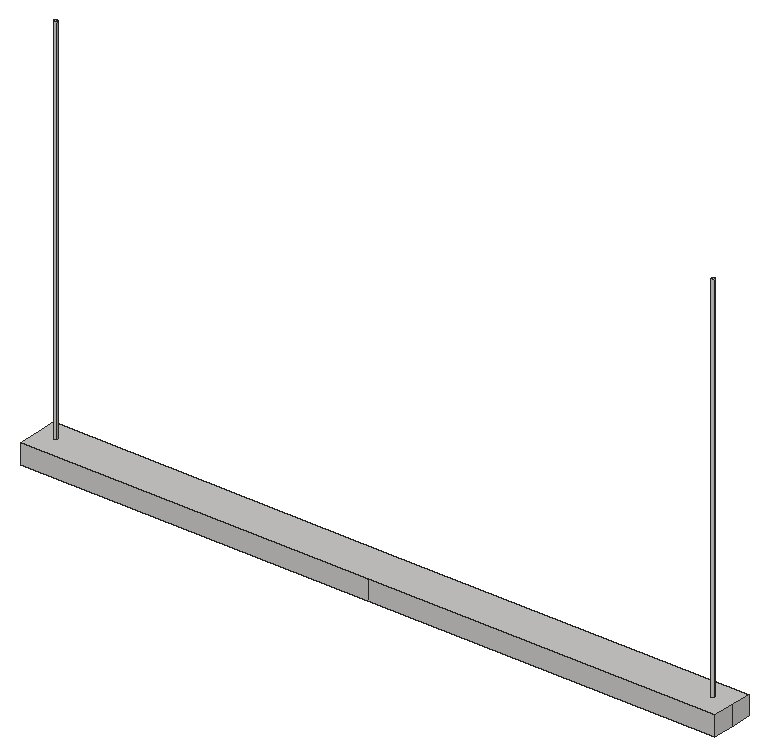
Revit family "Lighting_Pendants_Zero_Grid_Pendant", category Lighting Fixtures, Revit 2020 (continued)
Definition of nested family "grid-pendant-fencing"
  Lines and regions (mm)
    model lines, detail levels medium+fine
      curve 642: line (240.479, 47.747, 97.697) -> (192.461, -48.253, 97.697)
      curve 643: line (228.479, 47.747, 97.697) -> (180.461, -48.253, 97.697)
      curve 644: line (216.479, 47.747, 97.697) -> (168.461, -48.253, 97.697)
      curve 645: line (204.479, 47.747, 97.697) -> (156.461, -48.253, 97.697)
      curve 646: line (192.479, 47.747, 97.697) -> (144.461, -48.253, 97.697)
      curve 647: line (180.479, 47.747, 97.697) -> (132.461, -48.253, 97.697)
      curve 648: line (168.479, 47.747, 97.697) -> (120.461, -48.253, 97.697)
      curve 649: line (156.479, 47.747, 97.697) -> (108.461, -48.253, 97.697)
      curve 650: line (144.479, 47.747, 97.697) -> (96.461, -48.253, 97.697)
      curve 651: line (132.479, 47.747, 97.697) -> (84.461, -48.253, 97.697)
      curve 652: line (120.479, 47.747, 97.697) -> (72.461, -48.253, 97.697)
      curve 653: line (108.479, 47.747, 97.697) -> (60.461, -48.253, 97.697)
      curve 654: line (96.479, 47.747, 97.697) -> (48.461, -48.253, 97.697)
      curve 655: line (84.479, 47.747, 97.697) -> (36.461, -48.253, 97.697)
      curve 656: line (72.479, 47.747, 97.697) -> (24.461, -48.253, 97.697)
      curve 657: line (60.479, 47.747, 97.697) -> (12.461, -48.253, 97.697)
      curve 658: line (48.479, 47.747, 97.697) -> (0.461, -48.253, 97.697)
      curve 659: line (36.479, 47.747, 97.697) -> (-11.539, -48.253, 97.697)
      curve 660: line (24.479, 47.747, 97.697) -> (-23.539, -48.253, 97.697)
      curve 661: line (12.479, 47.747, 97.697) -> (-35.539, -48.253, 97.697)
      curve 662: line (0.479, 47.747, 97.697) -> (-47.539, -48.253, 97.697)
      curve 663: line (-11.521, 47.747, 97.697) -> (-59.539, -48.253, 97.697)
      curve 664: line (-23.521, 47.747, 97.697) -> (-71.539, -48.253, 97.697)
      curve 665: line (-35.521, 47.747, 97.697) -> (-83.539, -48.253, 97.697)
      curve 666: line (-47.521, 47.747, 97.697) -> (-95.539, -48.253, 97.697)
      curve 667: line (-59.521, 47.747, 97.697) -> (-107.539, -48.253, 97.697)
      curve 668: line (-71.521, 47.747, 97.697) -> (-119.539, -48.253, 97.697)
      curve 669: line (-83.521, 47.747, 97.697) -> (-131.539, -48.253, 97.697)
      curve 670: line (-95.521, 47.747, 97.697) -> (-143.539, -48.253, 97.697)
      curve 671: line (-107.521, 47.747, 97.697) -> (-155.539, -48.253, 97.697)
      curve 672: line (-119.521, 47.747, 97.697) -> (-167.539, -48.253, 97.697)
      curve 673: line (-131.521, 47.747, 97.697) -> (-179.539, -48.253, 97.697)
      curve 674: line (-143.521, 47.747, 97.697) -> (-191.539, -48.253, 97.697)
      curve 675: line (-155.521, 47.747, 97.697) -> (-203.539, -48.253, 97.697)
      curve 676: line (-167.521, 47.747, 97.697) -> (-215.539, -48.253, 97.697)
      curve 677: line (-179.521, 47.747, 97.697) -> (-227.539, -48.253, 97.697)
      curve 678: line (-191.521, 47.747, 97.697) -> (-239.539, -48.253, 97.697)
      curve 679: line (-203.521, 47.747, 97.697) -> (-251.539, -48.253, 97.697)
      curve 680: line (-215.521, 47.747, 97.697) -> (-263.539, -48.253, 97.697)
      curve 681: line (-227.521, 47.747, 97.697) -> (-275.539, -48.253, 97.697)
      curve 682: line (-239.521, 47.747, 97.697) -> (-287.539, -48.253, 97.697)
      curve 683: line (-251.521, 47.747, 97.697) -> (-299.539, -48.253, 97.697)
      curve 684: line (-263.521, 47.747, 97.697) -> (-311.539, -48.253, 97.697)
      curve 685: line (-275.521, 47.747, 97.697) -> (-323.539, -48.253, 97.697)
      curve 686: line (-287.521, 47.747, 97.697) -> (-335.539, -48.253, 97.697)
      curve 687: line (-299.521, 47.747, 97.697) -> (-347.539, -48.253, 97.697)
      curve 688: line (-311.521, 47.747, 97.697) -> (-359.539, -48.253, 97.697)
      curve 689: line (-323.521, 47.747, 97.697) -> (-371.539, -48.253, 97.697)
      curve 690: line (-335.521, 47.747, 97.697) -> (-383.539, -48.253, 97.697)
      curve 691: line (-347.521, 47.747, 97.697) -> (-395.539, -48.253, 97.697)
      curve 692: line (-359.521, 47.747, 97.697) -> (-407.539, -48.253, 97.697)
      curve 693: line (-371.521, 47.747, 97.697) -> (-419.539, -48.253, 97.697)
      curve 694: line (-383.521, 47.747, 97.697) -> (-431.539, -48.253, 97.697)
      curve 695: line (-395.521, 47.747, 97.697) -> (-443.539, -48.253, 97.697)
      curve 696: line (-407.521, 47.747, 97.697) -> (-455.539, -48.253, 97.697)
      curve 697: line (-419.521, 47.747, 97.697) -> (-467.539, -48.253, 97.697)
      curve 698: line (-431.521, 47.747, 97.697) -> (-479.539, -48.253, 97.697)
      curve 699: line (-443.521, 47.747, 97.697) -> (-491.539, -48.253, 97.697)
      curve 700: line (-455.521, 47.747, 97.697) -> (-503.539, -48.253, 97.697)
      curve 701: line (-467.521, 47.747, 97.697) -> (-515.539, -48.253, 97.697)
      curve 702: line (-479.521, 47.747, 97.697) -> (-527.539, -48.253, 97.697)
      curve 703: line (-491.521, 47.747, 97.697) -> (-539.539, -48.253, 97.697)
      curve 704: line (-503.521, 47.747, 97.697) -> (-551.539, -48.253, 97.697)
      curve 705: line (-515.521, 47.747, 97.697) -> (-563.539, -48.253, 97.697)
      curve 706: line (-527.521, 47.747, 97.697) -> (-575.539, -48.253, 97.697)
      curve 707: line (-539.521, 47.747, 97.697) -> (-587.539, -48.253, 97.697)
      curve 708: line (-551.521, 47.747, 97.697) -> (-599.539, -48.253, 97.697)
      curve 709: line (-563.521, 47.747, 97.697) -> (-611.539, -48.253, 97.697)
      curve 710: line (-575.521, 47.747, 97.697) -> (-623.539, -48.253, 97.697)
      curve 711: line (-587.521, 47.747, 97.697) -> (-625, -27.183, 97.697)
      curve 712: line (-599.521, 47.747, 97.697) -> (-625, -3.192, 97.697)
      curve 713: line (-611.521, 47.747, 97.697) -> (-625, 20.799, 97.697)
      curve 714: line (625, 47.747, 97.697) -> (-625.035, 47.747, 97.697)
      curve 715: line (-625.029, -48.253, 97.697) -> (625, -48.253, 97.697)
      curve 716: line (-624.473, 47.747, 97.697) -> (-576.455, -48.253, 97.697)
      curve 717: line (-624.994, 24.797, 97.697) -> (-588.455, -48.253, 97.697)
      curve 718: line (-624.994, 0.806, 97.697) -> (-600.455, -48.253, 97.697)
      curve 719: line (-624.994, -23.185, 97.697) -> (-612.455, -48.253, 97.697)
      curve 720: line (-612.473, 47.747, 97.697) -> (-564.455, -48.253, 97.697)
      curve 721: line (-600.473, 47.747, 97.697) -> (-552.455, -48.253, 97.697)
      curve 722: line (-588.473, 47.747, 97.697) -> (-540.455, -48.253, 97.697)
      curve 723: line (-576.473, 47.747, 97.697) -> (-528.455, -48.253, 97.697)
      curve 724: line (-564.473, 47.747, 97.697) -> (-516.455, -48.253, 97.697)
      curve 725: line (-552.473, 47.747, 97.697) -> (-504.455, -48.253, 97.697)
      curve 726: line (-540.473, 47.747, 97.697) -> (-492.455, -48.253, 97.697)
      curve 727: line (-528.473, 47.747, 97.697) -> (-480.455, -48.253, 97.697)
      curve 728: line (-516.473, 47.747, 97.697) -> (-468.455, -48.253, 97.697)
      curve 729: line (-504.473, 47.747, 97.697) -> (-456.455, -48.253, 97.697)
      curve 730: line (-492.473, 47.747, 97.697) -> (-444.455, -48.253, 97.697)
      curve 731: line (-480.473, 47.747, 97.697) -> (-432.455, -48.253, 97.697)
      curve 732: line (-468.473, 47.747, 97.697) -> (-420.455, -48.253, 97.697)
      curve 733: line (-456.473, 47.747, 97.697) -> (-408.455, -48.253, 97.697)
      curve 734: line (-444.473, 47.747, 97.697) -> (-396.455, -48.253, 97.697)
      curve 735: line (-432.473, 47.747, 97.697) -> (-384.455, -48.253, 97.697)
      curve 736: line (-420.473, 47.747, 97.697) -> (-372.455, -48.253, 97.697)
      curve 737: line (-408.473, 47.747, 97.697) -> (-360.455, -48.253, 97.697)
      curve 738: line (-396.473, 47.747, 97.697) -> (-348.455, -48.253, 97.697)
      curve 739: line (-384.473, 47.747, 97.697) -> (-336.455, -48.253, 97.697)
      curve 740: line (-372.473, 47.747, 97.697) -> (-324.455, -48.253, 97.697)
      curve 741: line (-360.473, 47.747, 97.697) -> (-312.455, -48.253, 97.697)
      curve 742: line (-348.473, 47.747, 97.697) -> (-300.455, -48.253, 97.697)
      curve 743: line (-336.473, 47.747, 97.697) -> (-288.455, -48.253, 97.697)
      curve 744: line (-324.473, 47.747, 97.697) -> (-276.455, -48.253, 97.697)
      curve 745: line (-312.473, 47.747, 97.697) -> (-264.455, -48.253, 97.697)
      curve 746: line (-300.473, 47.747, 97.697) -> (-252.455, -48.253, 97.697)
      curve 747: line (-288.473, 47.747, 97.697) -> (-240.455, -48.253, 97.697)
      curve 748: line (-276.473, 47.747, 97.697) -> (-228.455, -48.253, 97.697)
      curve 749: line (-264.473, 47.747, 97.697) -> (-216.455, -48.253, 97.697)
      curve 750: line (-252.473, 47.747, 97.697) -> (-204.455, -48.253, 97.697)
      curve 751: line (-240.473, 47.747, 97.697) -> (-192.455, -48.253, 97.697)
      curve 752: line (-228.473, 47.747, 97.697) -> (-180.455, -48.253, 97.697)
      curve 753: line (-216.473, 47.747, 97.697) -> (-168.455, -48.253, 97.697)
      curve 754: line (-204.473, 47.747, 97.697) -> (-156.455, -48.253, 97.697)
      curve 755: line (-192.473, 47.747, 97.697) -> (-144.455, -48.253, 97.697)
      curve 756: line (-180.473, 47.747, 97.697) -> (-132.455, -48.253, 97.697)
      curve 757: line (-168.473, 47.747, 97.697) -> (-120.455, -48.253, 97.697)
      curve 758: line (-156.473, 47.747, 97.697) -> (-108.455, -48.253, 97.697)
      curve 759: line (-144.473, 47.747, 97.697) -> (-96.455, -48.253, 97.697)
      curve 760: line (-132.473, 47.747, 97.697) -> (-84.455, -48.253, 97.697)
      curve 761: line (-120.473, 47.747, 97.697) -> (-72.455, -48.253, 97.697)
      curve 762: line (-108.473, 47.747, 97.697) -> (-60.455, -48.253, 97.697)
      curve 763: line (-96.473, 47.747, 97.697) -> (-48.455, -48.253, 97.697)
      curve 764: line (-84.473, 47.747, 97.697) -> (-36.455, -48.253, 97.697)
      curve 765: line (-72.473, 47.747, 97.697) -> (-24.455, -48.253, 97.697)
      curve 766: line (-60.473, 47.747, 97.697) -> (-12.455, -48.253, 97.697)
      curve 767: line (-48.473, 47.747, 97.697) -> (-0.455, -48.253, 97.697)
      curve 768: line (-36.473, 47.747, 97.697) -> (11.545, -48.253, 97.697)
      curve 769: line (-24.473, 47.747, 97.697) -> (23.545, -48.253, 97.697)
      curve 770: line (-12.473, 47.747, 97.697) -> (35.545, -48.253, 97.697)
      curve 771: line (-0.473, 47.747, 97.697) -> (47.545, -48.253, 97.697)
      curve 772: line (11.527, 47.747, 97.697) -> (59.545, -48.253, 97.697)
      curve 773: line (23.527, 47.747, 97.697) -> (71.545, -48.253, 97.697)
      curve 774: line (35.527, 47.747, 97.697) -> (83.545, -48.253, 97.697)
      curve 775: line (47.527, 47.747, 97.697) -> (95.545, -48.253, 97.697)
      curve 776: line (59.527, 47.747, 97.697) -> (107.545, -48.253, 97.697)
      curve 777: line (71.527, 47.747, 97.697) -> (119.545, -48.253, 97.697)
      curve 778: line (83.527, 47.747, 97.697) -> (131.545, -48.253, 97.697)
      curve 779: line (95.527, 47.747, 97.697) -> (143.545, -48.253, 97.697)
      curve 780: line (107.527, 47.747, 97.697) -> (155.545, -48.253, 97.697)
      curve 781: line (119.527, 47.747, 97.697) -> (167.545, -48.253, 97.697)
      curve 782: line (131.527, 47.747, 97.697) -> (179.545, -48.253, 97.697)
      curve 783: line (143.527, 47.747, 97.697) -> (191.545, -48.253, 97.697)
      curve 784: line (155.527, 47.747, 97.697) -> (203.545, -48.253, 97.697)
      curve 785: line (167.527, 47.747, 97.697) -> (215.545, -48.253, 97.697)
      curve 786: line (179.527, 47.747, 97.697) -> (227.545, -48.253, 97.697)
      curve 787: line (191.527, 47.747, 97.697) -> (239.545, -48.253, 97.697)
      curve 788: line (203.527, 47.747, 97.697) -> (251.545, -48.253, 97.697)
      curve 789: line (215.527, 47.747, 97.697) -> (263.545, -48.253, 97.697)
      curve 790: line (227.527, 47.747, 97.697) -> (275.545, -48.253, 97.697)
      curve 791: line (239.527, 47.747, 97.697) -> (287.545, -48.253, 97.697)
      curve 792: line (251.527, 47.747, 97.697) -> (299.545, -48.253, 97.697)
      curve 793: line (263.527, 47.747, 97.697) -> (311.545, -48.253, 97.697)
      curve 794: line (275.527, 47.747, 97.697) -> (323.545, -48.253, 97.697)
      curve 795: line (287.527, 47.747, 97.697) -> (335.545, -48.253, 97.697)
      curve 796: line (299.527, 47.747, 97.697) -> (347.545, -48.253, 97.697)
      curve 797: line (311.527, 47.747, 97.697) -> (359.545, -48.253, 97.697)
      curve 798: line (323.527, 47.747, 97.697) -> (371.545, -48.253, 97.697)
      curve 799: line (335.527, 47.747, 97.697) -> (383.545, -48.253, 97.697)
      curve 800: line (347.527, 47.747, 97.697) -> (395.545, -48.253, 97.697)
      curve 801: line (359.527, 47.747, 97.697) -> (407.545, -48.253, 97.697)
      curve 802: line (371.527, 47.747, 97.697) -> (419.545, -48.253, 97.697)
      curve 803: line (383.527, 47.747, 97.697) -> (431.545, -48.253, 97.697)
      curve 804: line (395.527, 47.747, 97.697) -> (443.545, -48.253, 97.697)
      curve 805: line (407.527, 47.747, 97.697) -> (455.545, -48.253, 97.697)
      curve 806: line (419.527, 47.747, 97.697) -> (467.545, -48.253, 97.697)
      curve 807: line (431.527, 47.747, 97.697) -> (479.545, -48.253, 97.697)
      curve 808: line (443.527, 47.747, 97.697) -> (491.545, -48.253, 97.697)
      curve 809: line (455.527, 47.747, 97.697) -> (503.545, -48.253, 97.697)
      curve 810: line (467.527, 47.747, 97.697) -> (515.545, -48.253, 97.697)
      curve 811: line (479.527, 47.747, 97.697) -> (527.545, -48.253, 97.697)
      curve 812: line (491.527, 47.747, 97.697) -> (539.545, -48.253, 97.697)
      curve 813: line (503.527, 47.747, 97.697) -> (551.545, -48.253, 97.697)
      curve 814: line (515.527, 47.747, 97.697) -> (563.545, -48.253, 97.697)
      curve 815: line (527.527, 47.747, 97.697) -> (575.545, -48.253, 97.697)
      curve 816: line (539.527, 47.747, 97.697) -> (587.545, -48.253, 97.697)
      curve 817: line (551.527, 47.747, 97.697) -> (599.545, -48.253, 97.697)
      curve 818: line (563.527, 47.747, 97.697) -> (611.545, -48.253, 97.697)
      curve 819: line (575.527, 47.747, 97.697) -> (623.545, -48.253, 97.697)
      curve 820: line (587.527, 47.747, 97.697) -> (625, -27.17, 97.697)
      curve 821: line (599.527, 47.747, 97.697) -> (625, -3.18, 97.697)
      curve 822: line (611.527, 47.747, 97.697) -> (625, 20.811, 97.697)
      curve 823: line (623.527, 47.747, 97.697) -> (625, 44.802, 97.697)
      curve 824: line (-625.035, 47.747, 97.697) -> (625, 47.747, 97.697)
      curve 825: line (625, -48.253, 97.697) -> (-625.029, -48.253, 97.697)
      curve 826: line (624.486, 47.747, 97.697) -> (576.468, -48.253, 97.697)
      curve 827: line (625, 24.785, 97.697) -> (588.468, -48.253, 97.697)
      curve 828: line (625, 0.794, 97.697) -> (600.468, -48.253, 97.697)
      curve 829: line (625, -23.197, 97.697) -> (612.468, -48.253, 97.697)
      curve 830: line (612.486, 47.747, 97.697) -> (564.468, -48.253, 97.697)
      curve 831: line (600.486, 47.747, 97.697) -> (552.468, -48.253, 97.697)
      curve 832: line (588.486, 47.747, 97.697) -> (540.468, -48.253, 97.697)
      curve 833: line (576.486, 47.747, 97.697) -> (528.468, -48.253, 97.697)
      curve 834: line (564.486, 47.747, 97.697) -> (516.468, -48.253, 97.697)
      curve 835: line (552.486, 47.747, 97.697) -> (504.468, -48.253, 97.697)
      curve 836: line (540.486, 47.747, 97.697) -> (492.468, -48.253, 97.697)
      curve 837: line (528.486, 47.747, 97.697) -> (480.468, -48.253, 97.697)
      curve 838: line (516.486, 47.747, 97.697) -> (468.468, -48.253, 97.697)
      curve 839: line (504.486, 47.747, 97.697) -> (456.468, -48.253, 97.697)
      curve 840: line (492.486, 47.747, 97.697) -> (444.468, -48.253, 97.697)
      curve 841: line (480.486, 47.747, 97.697) -> (432.468, -48.253, 97.697)
      curve 842: line (468.486, 47.747, 97.697) -> (420.468, -48.253, 97.697)
      curve 843: line (456.486, 47.747, 97.697) -> (408.468, -48.253, 97.697)
      curve 844: line (444.486, 47.747, 97.697) -> (396.468, -48.253, 97.697)
      curve 845: line (432.486, 47.747, 97.697) -> (384.468, -48.253, 97.697)
      curve 846: line (420.486, 47.747, 97.697) -> (372.468, -48.253, 97.697)
      curve 847: line (408.486, 47.747, 97.697) -> (360.468, -48.253, 97.697)
      curve 848: line (396.486, 47.747, 97.697) -> (348.468, -48.253, 97.697)
      curve 849: line (384.486, 47.747, 97.697) -> (336.468, -48.253, 97.697)
      curve 850: line (372.486, 47.747, 97.697) -> (324.468, -48.253, 97.697)
      curve 851: line (360.486, 47.747, 97.697) -> (312.468, -48.253, 97.697)
      curve 852: line (348.486, 47.747, 97.697) -> (300.468, -48.253, 97.697)
      curve 853: line (336.486, 47.747, 97.697) -> (288.468, -48.253, 97.697)
      curve 854: line (324.486, 47.747, 97.697) -> (276.468, -48.253, 97.697)
      curve 855: line (312.486, 47.747, 97.697) -> (264.468, -48.253, 97.697)
      curve 856: line (300.486, 47.747, 97.697) -> (252.468, -48.253, 97.697)
      curve 857: line (288.486, 47.747, 97.697) -> (240.468, -48.253, 97.697)
      curve 858: line (276.486, 47.747, 97.697) -> (228.468, -48.253, 97.697)
      curve 859: line (264.486, 47.747, 97.697) -> (216.468, -48.253, 97.697)
      curve 860: line (252.486, 47.747, 97.697) -> (204.468, -48.253, 97.697)
      curve 861: line (240.486, 47.747, 97.697) -> (192.468, -48.253, 97.697)
      curve 862: line (228.486, 47.747, 97.697) -> (180.468, -48.253, 97.697)
      curve 863: line (216.486, 47.747, 97.697) -> (168.468, -48.253, 97.697)
      curve 864: line (204.486, 47.747, 97.697) -> (156.468, -48.253, 97.697)
      curve 865: line (192.486, 47.747, 97.697) -> (144.468, -48.253, 97.697)
      curve 866: line (180.486, 47.747, 97.697) -> (132.468, -48.253, 97.697)
      curve 867: line (168.486, 47.747, 97.697) -> (120.468, -48.253, 97.697)
      curve 868: line (156.486, 47.747, 97.697) -> (108.468, -48.253, 97.697)
      curve 869: line (144.486, 47.747, 97.697) -> (96.468, -48.253, 97.697)
      curve 870: line (132.486, 47.747, 97.697) -> (84.468, -48.253, 97.697)
      curve 871: line (120.486, 47.747, 97.697) -> (72.468, -48.253, 97.697)
      curve 872: line (108.486, 47.747, 97.697) -> (60.468, -48.253, 97.697)
      curve 873: line (96.486, 47.747, 97.697) -> (48.468, -48.253, 97.697)
      curve 874: line (84.486, 47.747, 97.697) -> (36.468, -48.253, 97.697)
      curve 875: line (72.486, 47.747, 97.697) -> (24.468, -48.253, 97.697)
      curve 876: line (60.486, 47.747, 97.697) -> (12.468, -48.253, 97.697)
      curve 877: line (48.486, 47.747, 97.697) -> (0.468, -48.253, 97.697)
      curve 878: line (36.486, 47.747, 97.697) -> (-11.532, -48.253, 97.697)
      curve 879: line (24.486, 47.747, 97.697) -> (-23.532, -48.253, 97.697)
      curve 880: line (12.486, 47.747, 97.697) -> (-35.532, -48.253, 97.697)
      curve 881: line (0.486, 47.747, 97.697) -> (-47.532, -48.253, 97.697)
      curve 882: line (-11.514, 47.747, 97.697) -> (-59.532, -48.253, 97.697)
      curve 883: line (-23.514, 47.747, 97.697) -> (-71.532, -48.253, 97.697)
      curve 884: line (-35.514, 47.747, 97.697) -> (-83.532, -48.253, 97.697)
      curve 885: line (-47.514, 47.747, 97.697) -> (-95.532, -48.253, 97.697)
      curve 886: line (-59.514, 47.747, 97.697) -> (-107.532, -48.253, 97.697)
      curve 887: line (-71.514, 47.747, 97.697) -> (-119.532, -48.253, 97.697)
      curve 888: line (-83.514, 47.747, 97.697) -> (-131.532, -48.253, 97.697)
      curve 889: line (-95.514, 47.747, 97.697) -> (-143.532, -48.253, 97.697)
      curve 890: line (-107.514, 47.747, 97.697) -> (-155.532, -48.253, 97.697)
      curve 891: line (-119.514, 47.747, 97.697) -> (-167.532, -48.253, 97.697)
      curve 892: line (-131.514, 47.747, 97.697) -> (-179.532, -48.253, 97.697)
      curve 893: line (-143.514, 47.747, 97.697) -> (-191.532, -48.253, 97.697)
      curve 894: line (-155.514, 47.747, 97.697) -> (-203.532, -48.253, 97.697)
      curve 895: line (-167.514, 47.747, 97.697) -> (-215.532, -48.253, 97.697)
      curve 896: line (-179.514, 47.747, 97.697) -> (-227.532, -48.253, 97.697)
      curve 897: line (-191.514, 47.747, 97.697) -> (-239.532, -48.253, 97.697)
      curve 898: line (-203.514, 47.747, 97.697) -> (-251.532, -48.253, 97.697)
      curve 899: line (-215.514, 47.747, 97.697) -> (-263.532, -48.253, 97.697)
      curve 900: line (-227.514, 47.747, 97.697) -> (-275.532, -48.253, 97.697)
      curve 901: line (-239.514, 47.747, 97.697) -> (-287.532, -48.253, 97.697)
      curve 902: line (-251.514, 47.747, 97.697) -> (-299.532, -48.253, 97.697)
      curve 903: line (-263.514, 47.747, 97.697) -> (-311.532, -48.253, 97.697)
      curve 904: line (-275.514, 47.747, 97.697) -> (-323.532, -48.253, 97.697)
      curve 905: line (-287.514, 47.747, 97.697) -> (-335.532, -48.253, 97.697)
      curve 906: line (-299.514, 47.747, 97.697) -> (-347.532, -48.253, 97.697)
      curve 907: line (-311.514, 47.747, 97.697) -> (-359.532, -48.253, 97.697)
      curve 908: line (-323.514, 47.747, 97.697) -> (-371.532, -48.253, 97.697)
      curve 909: line (-335.514, 47.747, 97.697) -> (-383.532, -48.253, 97.697)
      curve 910: line (-347.514, 47.747, 97.697) -> (-395.532, -48.253, 97.697)
      curve 911: line (-359.514, 47.747, 97.697) -> (-407.532, -48.253, 97.697)
      curve 912: line (-371.514, 47.747, 97.697) -> (-419.532, -48.253, 97.697)
      curve 913: line (-383.514, 47.747, 97.697) -> (-431.532, -48.253, 97.697)
      curve 914: line (-395.514, 47.747, 97.697) -> (-443.532, -48.253, 97.697)
      curve 915: line (-407.514, 47.747, 97.697) -> (-455.532, -48.253, 97.697)
      curve 916: line (-419.514, 47.747, 97.697) -> (-467.532, -48.253, 97.697)
      curve 917: line (-431.514, 47.747, 97.697) -> (-479.532, -48.253, 97.697)
      curve 918: line (-443.514, 47.747, 97.697) -> (-491.532, -48.253, 97.697)
      curve 919: line (-455.514, 47.747, 97.697) -> (-503.532, -48.253, 97.697)
      curve 920: line (-467.514, 47.747, 97.697) -> (-515.532, -48.253, 97.697)
      curve 921: line (-479.514, 47.747, 97.697) -> (-527.532, -48.253, 97.697)
      curve 922: line (-491.514, 47.747, 97.697) -> (-539.532, -48.253, 97.697)
      curve 923: line (-503.514, 47.747, 97.697) -> (-551.532, -48.253, 97.697)
      curve 924: line (-515.514, 47.747, 97.697) -> (-563.532, -48.253, 97.697)
      curve 925: line (-527.514, 47.747, 97.697) -> (-575.532, -48.253, 97.697)
      curve 926: line (-539.514, 47.747, 97.697) -> (-587.532, -48.253, 97.697)
      curve 927: line (-551.514, 47.747, 97.697) -> (-599.532, -48.253, 97.697)
      curve 928: line (-563.514, 47.747, 97.697) -> (-611.532, -48.253, 97.697)
      curve 929: line (-575.514, 47.747, 97.697) -> (-623.532, -48.253, 97.697)
      curve 930: line (-587.514, 47.747, 97.697) -> (-624.994, -27.183, 97.697)
      curve 931: line (-599.514, 47.747, 97.697) -> (-624.994, -3.192, 97.697)
      curve 932: line (-623.514, 47.747, 97.697) -> (-624.994, 44.79, 97.697)
      curve 933: line (-625.035, -48.253, 97.697) -> (-625.035, 46.709, 97.697)
      curve 934: line (625, -48.253, 97.697) -> (625, 46.709, 97.697)
      curve 935: line (625, 47.747, 97.697) -> (-625.035, 47.747, 97.697)
      curve 936: line (-625.035, 47.747, 97.697) -> (-625.035, 47.747, 96.849)
      curve 937: line (-625.035, 47.747, 0) -> (625, 47.747, 0)
      curve 938: line (625, 47.747, 0) -> (625, 47.747, 0.849)
      curve 939: line (625, 47.747, 0.849) -> (625, 47.747, 96.849)
      curve 940: line (625, 47.747, 96.849) -> (625, 47.747, 97.697)
      curve 941: line (-624.9, 47.747, 97.697) -> (-576.461, 47.747, 0)
      curve 942: line (-612.9, 47.747, 97.697) -> (-564.461, 47.747, 0)
      curve 943: line (-600.9, 47.747, 97.697) -> (-552.461, 47.747, 0)
      curve 944: line (-588.9, 47.747, 97.697) -> (-540.461, 47.747, 0)
      curve 945: line (-576.9, 47.747, 97.697) -> (-528.461, 47.747, 0)
      curve 946: line (-564.9, 47.747, 97.697) -> (-516.461, 47.747, 0)
      curve 947: line (-552.9, 47.747, 97.697) -> (-504.461, 47.747, 0)
      curve 948: line (-540.9, 47.747, 97.697) -> (-492.461, 47.747, 0)
      curve 949: line (-528.9, 47.747, 97.697) -> (-480.461, 47.747, 0)
      curve 950: line (-516.9, 47.747, 97.697) -> (-468.461, 47.747, 0)
      curve 951: line (-504.9, 47.747, 97.697) -> (-456.461, 47.747, 0)
      curve 952: line (-492.9, 47.747, 97.697) -> (-444.461, 47.747, 0)
      curve 953: line (-480.9, 47.747, 97.697) -> (-432.461, 47.747, 0)
      curve 954: line (-468.9, 47.747, 97.697) -> (-420.461, 47.747, 0)
      curve 955: line (-456.9, 47.747, 97.697) -> (-408.461, 47.747, 0)
      curve 956: line (-444.9, 47.747, 97.697) -> (-396.461, 47.747, 0)
      curve 957: line (-432.9, 47.747, 97.697) -> (-384.461, 47.747, 0)
      curve 958: line (-420.9, 47.747, 97.697) -> (-372.461, 47.747, 0)
      curve 959: line (-408.9, 47.747, 97.697) -> (-360.461, 47.747, 0)
      curve 960: line (-396.9, 47.747, 97.697) -> (-348.461, 47.747, 0)
      curve 961: line (-384.9, 47.747, 97.697) -> (-336.461, 47.747, 0)
      curve 962: line (-372.9, 47.747, 97.697) -> (-324.461, 47.747, 0)
      curve 963: line (-360.9, 47.747, 97.697) -> (-312.461, 47.747, 0)
      curve 964: line (-348.9, 47.747, 97.697) -> (-300.461, 47.747, 0)
      curve 965: line (-336.9, 47.747, 97.697) -> (-288.461, 47.747, 0)
      curve 966: line (-324.9, 47.747, 97.697) -> (-276.461, 47.747, 0)
      curve 967: line (-312.9, 47.747, 97.697) -> (-264.461, 47.747, 0)
      curve 968: line (-300.9, 47.747, 97.697) -> (-252.461, 47.747, 0)
      curve 969: line (-288.9, 47.747, 97.697) -> (-240.461, 47.747, 0)
      curve 970: line (-276.9, 47.747, 97.697) -> (-228.461, 47.747, 0)
      curve 971: line (-264.9, 47.747, 97.697) -> (-216.461, 47.747, 0)
      curve 972: line (-252.9, 47.747, 97.697) -> (-204.461, 47.747, 0)
      curve 973: line (-240.9, 47.747, 97.697) -> (-192.461, 47.747, 0)
      curve 974: line (-228.9, 47.747, 97.697) -> (-180.461, 47.747, 0)
      curve 975: line (-216.9, 47.747, 97.697) -> (-168.461, 47.747, 0)
      curve 976: line (-204.9, 47.747, 97.697) -> (-156.461, 47.747, 0)
      curve 977: line (-192.9, 47.747, 97.697) -> (-144.461, 47.747, 0)
      curve 978: line (-180.9, 47.747, 97.697) -> (-132.461, 47.747, 0)
      curve 979: line (-168.9, 47.747, 97.697) -> (-120.461, 47.747, 0)
      curve 980: line (-156.9, 47.747, 97.697) -> (-108.461, 47.747, 0)
      curve 981: line (-144.9, 47.747, 97.697) -> (-96.461, 47.747, 0)
      curve 982: line (-132.9, 47.747, 97.697) -> (-84.461, 47.747, 0)
      curve 983: line (-120.9, 47.747, 97.697) -> (-72.461, 47.747, 0)
      curve 984: line (-108.9, 47.747, 97.697) -> (-60.461, 47.747, 0)
      curve 985: line (-96.9, 47.747, 97.697) -> (-48.461, 47.747, 0)
      curve 986: line (-84.9, 47.747, 97.697) -> (-36.461, 47.747, 0)
      curve 987: line (-72.9, 47.747, 97.697) -> (-24.461, 47.747, 0)
      curve 988: line (-60.9, 47.747, 97.697) -> (-12.461, 47.747, 0)
      curve 989: line (-48.9, 47.747, 97.697) -> (-0.461, 47.747, 0)
      curve 990: line (-36.9, 47.747, 97.697) -> (11.539, 47.747, 0)
      curve 991: line (-24.9, 47.747, 97.697) -> (23.539, 47.747, 0)
      curve 992: line (-12.9, 47.747, 97.697) -> (35.539, 47.747, 0)
      curve 993: line (-0.9, 47.747, 97.697) -> (47.539, 47.747, 0)
      curve 994: line (11.1, 47.747, 97.697) -> (59.539, 47.747, 0)
      curve 995: line (23.1, 47.747, 97.697) -> (71.539, 47.747, 0)
      curve 996: line (35.1, 47.747, 97.697) -> (83.539, 47.747, 0)
      curve 997: line (47.1, 47.747, 97.697) -> (95.539, 47.747, 0)
      curve 998: line (59.1, 47.747, 97.697) -> (107.539, 47.747, 0)
      curve 999: line (71.1, 47.747, 97.697) -> (119.539, 47.747, 0)
      curve 1000: line (83.1, 47.747, 97.697) -> (131.539, 47.747, 0)
      curve 1001: line (95.1, 47.747, 97.697) -> (143.539, 47.747, 0)
      curve 1002: line (107.1, 47.747, 97.697) -> (155.539, 47.747, 0)
      curve 1003: line (119.1, 47.747, 97.697) -> (167.539, 47.747, 0)
      curve 1004: line (131.1, 47.747, 97.697) -> (179.539, 47.747, 0)
      curve 1005: line (143.1, 47.747, 97.697) -> (191.539, 47.747, 0)
      curve 1006: line (155.1, 47.747, 97.697) -> (203.539, 47.747, 0)
      curve 1007: line (167.1, 47.747, 97.697) -> (215.539, 47.747, 0)
      curve 1008: line (179.1, 47.747, 97.697) -> (227.539, 47.747, 0)
      curve 1009: line (191.1, 47.747, 97.697) -> (239.539, 47.747, 0)
      curve 1010: line (203.1, 47.747, 97.697) -> (251.539, 47.747, 0)
      curve 1011: line (215.1, 47.747, 97.697) -> (263.539, 47.747, 0)
      curve 1012: line (227.1, 47.747, 97.697) -> (275.539, 47.747, 0)
      curve 1013: line (239.1, 47.747, 97.697) -> (287.539, 47.747, 0)
      curve 1014: line (251.1, 47.747, 97.697) -> (299.539, 47.747, 0)
      curve 1015: line (263.1, 47.747, 97.697) -> (311.539, 47.747, 0)
      curve 1016: line (275.1, 47.747, 97.697) -> (323.539, 47.747, 0)
      curve 1017: line (287.1, 47.747, 97.697) -> (335.539, 47.747, 0)
      curve 1018: line (299.1, 47.747, 97.697) -> (347.539, 47.747, 0)
      curve 1019: line (311.1, 47.747, 97.697) -> (359.539, 47.747, 0)
      curve 1020: line (323.1, 47.747, 97.697) -> (371.539, 47.747, 0)
      curve 1021: line (335.1, 47.747, 97.697) -> (383.539, 47.747, 0)
      curve 1022: line (347.1, 47.747, 97.697) -> (395.539, 47.747, 0)
      curve 1023: line (359.1, 47.747, 97.697) -> (407.539, 47.747, 0)
      curve 1024: line (371.1, 47.747, 97.697) -> (419.539, 47.747, 0)
      curve 1025: line (383.1, 47.747, 97.697) -> (431.539, 47.747, 0)
      curve 1026: line (395.1, 47.747, 97.697) -> (443.539, 47.747, 0)
      curve 1027: line (407.1, 47.747, 97.697) -> (455.539, 47.747, 0)
      curve 1028: line (419.1, 47.747, 97.697) -> (467.539, 47.747, 0)
      curve 1029: line (431.1, 47.747, 97.697) -> (479.539, 47.747, 0)
      curve 1030: line (443.1, 47.747, 97.697) -> (491.539, 47.747, 0)
      curve 1031: line (455.1, 47.747, 97.697) -> (503.539, 47.747, 0)
      curve 1032: line (467.1, 47.747, 97.697) -> (515.539, 47.747, 0)
      curve 1033: line (479.1, 47.747, 97.697) -> (527.539, 47.747, 0)
      curve 1034: line (491.1, 47.747, 97.697) -> (539.539, 47.747, 0)
      curve 1035: line (503.1, 47.747, 97.697) -> (551.539, 47.747, 0)
      curve 1036: line (515.1, 47.747, 97.697) -> (563.539, 47.747, 0)
      curve 1037: line (527.1, 47.747, 97.697) -> (575.539, 47.747, 0)
      curve 1038: line (539.1, 47.747, 97.697) -> (587.539, 47.747, 0)
      curve 1039: line (551.1, 47.747, 97.697) -> (599.539, 47.747, 0)
      curve 1040: line (563.1, 47.747, 97.697) -> (611.539, 47.747, 0)
      curve 1041: line (575.1, 47.747, 97.697) -> (623.539, 47.747, 0)
      curve 1042: line (587.1, 47.747, 97.697) -> (625, 47.747, 21.256)
      curve 1043: line (599.1, 47.747, 97.697) -> (625, 47.747, 45.459)
      curve 1044: line (611.1, 47.747, 97.697) -> (625, 47.747, 69.662)
      curve 1045: line (624.9, 47.747, 97.697) -> (576.461, 47.747, 0)
      curve 1046: line (612.9, 47.747, 97.697) -> (564.461, 47.747, 0)
      curve 1047: line (600.9, 47.747, 97.697) -> (552.461, 47.747, 0)
      curve 1048: line (588.9, 47.747, 97.697) -> (540.461, 47.747, 0)
      curve 1049: line (576.9, 47.747, 97.697) -> (528.461, 47.747, 0)
      curve 1050: line (564.9, 47.747, 97.697) -> (516.461, 47.747, 0)
      curve 1051: line (552.9, 47.747, 97.697) -> (504.461, 47.747, 0)
      curve 1052: line (540.9, 47.747, 97.697) -> (492.461, 47.747, 0)
      curve 1053: line (528.9, 47.747, 97.697) -> (480.461, 47.747, 0)
      curve 1054: line (516.9, 47.747, 97.697) -> (468.461, 47.747, 0)
      curve 1055: line (504.9, 47.747, 97.697) -> (456.461, 47.747, 0)
      curve 1056: line (492.9, 47.747, 97.697) -> (444.461, 47.747, 0)
      curve 1057: line (480.9, 47.747, 97.697) -> (432.461, 47.747, 0)
      curve 1058: line (468.9, 47.747, 97.697) -> (420.461, 47.747, 0)
      curve 1059: line (456.9, 47.747, 97.697) -> (408.461, 47.747, 0)
      curve 1060: line (444.9, 47.747, 97.697) -> (396.461, 47.747, 0)
      curve 1061: line (432.9, 47.747, 97.697) -> (384.461, 47.747, 0)
      curve 1062: line (420.9, 47.747, 97.697) -> (372.461, 47.747, 0)
      curve 1063: line (408.9, 47.747, 97.697) -> (360.461, 47.747, 0)
      curve 1064: line (396.9, 47.747, 97.697) -> (348.461, 47.747, 0)
      curve 1065: line (384.9, 47.747, 97.697) -> (336.461, 47.747, 0)
      curve 1066: line (372.9, 47.747, 97.697) -> (324.461, 47.747, 0)
      curve 1067: line (360.9, 47.747, 97.697) -> (312.461, 47.747, 0)
      curve 1068: line (348.9, 47.747, 97.697) -> (300.461, 47.747, 0)
      curve 1069: line (336.9, 47.747, 97.697) -> (288.461, 47.747, 0)
      curve 1070: line (324.9, 47.747, 97.697) -> (276.461, 47.747, 0)
      curve 1071: line (312.9, 47.747, 97.697) -> (264.461, 47.747, 0)
      curve 1072: line (300.9, 47.747, 97.697) -> (252.461, 47.747, 0)
      curve 1073: line (288.9, 47.747, 97.697) -> (240.461, 47.747, 0)
      curve 1074: line (276.9, 47.747, 97.697) -> (228.461, 47.747, 0)
      curve 1075: line (264.9, 47.747, 97.697) -> (216.461, 47.747, 0)
      curve 1076: line (252.9, 47.747, 97.697) -> (204.461, 47.747, 0)
      curve 1077: line (240.9, 47.747, 97.697) -> (192.461, 47.747, 0)
      curve 1078: line (228.9, 47.747, 97.697) -> (180.461, 47.747, 0)
      curve 1079: line (216.9, 47.747, 97.697) -> (168.461, 47.747, 0)
      curve 1080: line (204.9, 47.747, 97.697) -> (156.461, 47.747, 0)
      curve 1081: line (192.9, 47.747, 97.697) -> (144.461, 47.747, 0)
      curve 1082: line (180.9, 47.747, 97.697) -> (132.461, 47.747, 0)
      curve 1083: line (168.9, 47.747, 97.697) -> (120.461, 47.747, 0)
      curve 1084: line (156.9, 47.747, 97.697) -> (108.461, 47.747, 0)
      curve 1085: line (144.9, 47.747, 97.697) -> (96.461, 47.747, 0)
      curve 1086: line (132.9, 47.747, 97.697) -> (84.461, 47.747, 0)
      curve 1087: line (120.9, 47.747, 97.697) -> (72.461, 47.747, 0)
      curve 1088: line (108.9, 47.747, 97.697) -> (60.461, 47.747, 0)
      curve 1089: line (96.9, 47.747, 97.697) -> (48.461, 47.747, 0)
      curve 1090: line (84.9, 47.747, 97.697) -> (36.461, 47.747, 0)
      curve 1091: line (72.9, 47.747, 97.697) -> (24.461, 47.747, 0)
      curve 1092: line (60.9, 47.747, 97.697) -> (12.461, 47.747, 0)
      curve 1093: line (48.9, 47.747, 97.697) -> (0.461, 47.747, 0)
      curve 1094: line (36.9, 47.747, 97.697) -> (-11.539, 47.747, 0)
      curve 1095: line (24.9, 47.747, 97.697) -> (-23.539, 47.747, 0)
      curve 1096: line (12.9, 47.747, 97.697) -> (-35.539, 47.747, 0)
      curve 1097: line (0.9, 47.747, 97.697) -> (-47.539, 47.747, 0)
      curve 1098: line (-11.1, 47.747, 97.697) -> (-59.539, 47.747, 0)
      curve 1099: line (-23.1, 47.747, 97.697) -> (-71.539, 47.747, 0)
      curve 1100: line (-35.1, 47.747, 97.697) -> (-83.539, 47.747, 0)
      curve 1101: line (-47.1, 47.747, 97.697) -> (-95.539, 47.747, 0)
      curve 1102: line (-59.1, 47.747, 97.697) -> (-107.539, 47.747, 0)
      curve 1103: line (-71.1, 47.747, 97.697) -> (-119.539, 47.747, 0)
      curve 1104: line (-83.1, 47.747, 97.697) -> (-131.539, 47.747, 0)
      curve 1105: line (-95.1, 47.747, 97.697) -> (-143.539, 47.747, 0)
      curve 1106: line (-107.1, 47.747, 97.697) -> (-155.539, 47.747, 0)
      curve 1107: line (-119.1, 47.747, 97.697) -> (-167.539, 47.747, 0)
      curve 1108: line (-131.1, 47.747, 97.697) -> (-179.539, 47.747, 0)
      curve 1109: line (-143.1, 47.747, 97.697) -> (-191.539, 47.747, 0)
      curve 1110: line (-155.1, 47.747, 97.697) -> (-203.539, 47.747, 0)
      curve 1111: line (-167.1, 47.747, 97.697) -> (-215.539, 47.747, 0)
      curve 1112: line (-179.1, 47.747, 97.697) -> (-227.539, 47.747, 0)
      curve 1113: line (-191.1, 47.747, 97.697) -> (-239.539, 47.747, 0)
      curve 1114: line (-203.1, 47.747, 97.697) -> (-251.539, 47.747, 0)
      curve 1115: line (-215.1, 47.747, 97.697) -> (-263.539, 47.747, 0)
      curve 1116: line (-227.1, 47.747, 97.697) -> (-275.539, 47.747, 0)
      curve 1117: line (-239.1, 47.747, 97.697) -> (-287.539, 47.747, 0)
      curve 1118: line (-251.1, 47.747, 97.697) -> (-299.539, 47.747, 0)
      curve 1119: line (-263.1, 47.747, 97.697) -> (-311.539, 47.747, 0)
      curve 1120: line (-275.1, 47.747, 97.697) -> (-323.539, 47.747, 0)
      curve 1121: line (-287.1, 47.747, 97.697) -> (-335.539, 47.747, 0)
      curve 1122: line (-299.1, 47.747, 97.697) -> (-347.539, 47.747, 0)
      curve 1123: line (-311.1, 47.747, 97.697) -> (-359.539, 47.747, 0)
      curve 1124: line (-323.1, 47.747, 97.697) -> (-371.539, 47.747, 0)
      curve 1125: line (-335.1, 47.747, 97.697) -> (-383.539, 47.747, 0)
      curve 1126: line (-347.1, 47.747, 97.697) -> (-395.539, 47.747, 0)
      curve 1127: line (-359.1, 47.747, 97.697) -> (-407.539, 47.747, 0)
      curve 1128: line (-371.1, 47.747, 97.697) -> (-419.539, 47.747, 0)
      curve 1129: line (-383.1, 47.747, 97.697) -> (-431.539, 47.747, 0)
      curve 1130: line (-395.1, 47.747, 97.697) -> (-443.539, 47.747, 0)
      curve 1131: line (-407.1, 47.747, 97.697) -> (-455.539, 47.747, 0)
      curve 1132: line (-419.1, 47.747, 97.697) -> (-467.539, 47.747, 0)
      curve 1133: line (-431.1, 47.747, 97.697) -> (-479.539, 47.747, 0)
      curve 1134: line (-443.1, 47.747, 97.697) -> (-491.539, 47.747, 0)
      curve 1135: line (-455.1, 47.747, 97.697) -> (-503.539, 47.747, 0)
      curve 1136: line (-467.1, 47.747, 97.697) -> (-515.539, 47.747, 0)
      curve 1137: line (-479.1, 47.747, 97.697) -> (-527.539, 47.747, 0)
      curve 1138: line (-491.1, 47.747, 97.697) -> (-539.539, 47.747, 0)
      curve 1139: line (-503.1, 47.747, 97.697) -> (-551.539, 47.747, 0)
      curve 1140: line (-515.1, 47.747, 97.697) -> (-563.539, 47.747, 0)
      curve 1141: line (-527.1, 47.747, 97.697) -> (-575.539, 47.747, 0)
      curve 1142: line (-539.1, 47.747, 97.697) -> (-587.539, 47.747, 0)
      curve 1143: line (-551.1, 47.747, 97.697) -> (-599.539, 47.747, 0)
      curve 1144: line (-563.1, 47.747, 97.697) -> (-611.539, 47.747, 0)
      curve 1145: line (-575.1, 47.747, 97.697) -> (-623.539, 47.747, 0)
      curve 1146: line (-587.1, 47.747, 97.697) -> (-625.029, 47.747, 21.198)
      curve 1147: line (-599.1, 47.747, 97.697) -> (-625.029, 47.747, 45.402)
      curve 1148: line (-611.1, 47.747, 97.697) -> (-625.029, 47.747, 69.605)
      curve 1149: line (-625.029, 47.747, 73.754) -> (-588.461, 47.747, 0)
      curve 1150: line (-625.029, 47.747, 49.55) -> (-600.461, 47.747, 0)
      curve 1151: line (-625.029, 47.747, 25.347) -> (-612.461, 47.747, 0)
      curve 1152: line (625, 47.747, 73.696) -> (588.461, 47.747, 0)
      curve 1153: line (625, 47.747, 49.493) -> (600.461, 47.747, 0)
      curve 1154: line (625, 47.747, 25.29) -> (612.461, 47.747, 0)
      curve 1155: line (-625.035, 47.747, 97.697) -> (625, 47.747, 97.697)
      curve 1156: line (625, -48.253, 97.697) -> (-625.035, -48.253, 97.697)
      curve 1157: line (-625.035, -48.253, 97.697) -> (-625.035, -48.253, 96.849)
      curve 1158: line (-625.035, -48.253, 0.849) -> (-625.035, -48.253, 0)
      curve 1159: line (-625.035, -48.253, 0) -> (625, -48.253, 0)
      curve 1160: line (625, -48.253, 0) -> (625, -48.253, 0.849)
      curve 1161: line (625, -48.253, 0.849) -> (625, -48.253, 96.849)
      curve 1162: line (625, -48.253, 96.849) -> (625, -48.253, 97.697)
      curve 1163: line (-624.9, -48.253, 97.697) -> (-576.461, -48.253, 0)
      curve 1164: line (-612.9, -48.253, 97.697) -> (-564.461, -48.253, 0)
      curve 1165: line (-600.9, -48.253, 97.697) -> (-552.461, -48.253, 0)
      curve 1166: line (-588.9, -48.253, 97.697) -> (-540.461, -48.253, 0)
      curve 1167: line (-576.9, -48.253, 97.697) -> (-528.461, -48.253, 0)
      curve 1168: line (-564.9, -48.253, 97.697) -> (-516.461, -48.253, 0)
      curve 1169: line (-552.9, -48.253, 97.697) -> (-504.461, -48.253, 0)
      curve 1170: line (-540.9, -48.253, 97.697) -> (-492.461, -48.253, 0)
      curve 1171: line (-528.9, -48.253, 97.697) -> (-480.461, -48.253, 0)
      curve 1172: line (-516.9, -48.253, 97.697) -> (-468.461, -48.253, 0)
      curve 1173: line (-504.9, -48.253, 97.697) -> (-456.461, -48.253, 0)
      curve 1174: line (-492.9, -48.253, 97.697) -> (-444.461, -48.253, 0)
      curve 1175: line (-480.9, -48.253, 97.697) -> (-432.461, -48.253, 0)
      curve 1176: line (-468.9, -48.253, 97.697) -> (-420.461, -48.253, 0)
      curve 1177: line (-456.9, -48.253, 97.697) -> (-408.461, -48.253, 0)
      curve 1178: line (-444.9, -48.253, 97.697) -> (-396.461, -48.253, 0)
      curve 1179: line (-432.9, -48.253, 97.697) -> (-384.461, -48.253, 0)
      curve 1180: line (-420.9, -48.253, 97.697) -> (-372.461, -48.253, 0)
      curve 1181: line (-408.9, -48.253, 97.697) -> (-360.461, -48.253, 0)
      curve 1182: line (-396.9, -48.253, 97.697) -> (-348.461, -48.253, 0)
      curve 1183: line (-384.9, -48.253, 97.697) -> (-336.461, -48.253, 0)
      curve 1184: line (-372.9, -48.253, 97.697) -> (-324.461, -48.253, 0)
      curve 1185: line (-360.9, -48.253, 97.697) -> (-312.461, -48.253, 0)
      curve 1186: line (-348.9, -48.253, 97.697) -> (-300.461, -48.253, 0)
      curve 1187: line (-336.9, -48.253, 97.697) -> (-288.461, -48.253, 0)
      curve 1188: line (-324.9, -48.253, 97.697) -> (-276.461, -48.253, 0)
      curve 1189: line (-312.9, -48.253, 97.697) -> (-264.461, -48.253, 0)
      curve 1190: line (-300.9, -48.253, 97.697) -> (-252.461, -48.253, 0)
      curve 1191: line (-288.9, -48.253, 97.697) -> (-240.461, -48.253, 0)
      curve 1192: line (-276.9, -48.253, 97.697) -> (-228.461, -48.253, 0)
      curve 1193: line (-264.9, -48.253, 97.697) -> (-216.461, -48.253, 0)
      curve 1194: line (-252.9, -48.253, 97.697) -> (-204.461, -48.253, 0)
      curve 1195: line (-240.9, -48.253, 97.697) -> (-192.461, -48.253, 0)
      curve 1196: line (-228.9, -48.253, 97.697) -> (-180.461, -48.253, 0)
      curve 1197: line (-216.9, -48.253, 97.697) -> (-168.461, -48.253, 0)
      curve 1198: line (-204.9, -48.253, 97.697) -> (-156.461, -48.253, 0)
      curve 1199: line (-192.9, -48.253, 97.697) -> (-144.461, -48.253, 0)
      curve 1200: line (-180.9, -48.253, 97.697) -> (-132.461, -48.253, 0)
      curve 1201: line (-168.9, -48.253, 97.697) -> (-120.461, -48.253, 0)
      curve 1202: line (-156.9, -48.253, 97.697) -> (-108.461, -48.253, 0)
      curve 1203: line (-144.9, -48.253, 97.697) -> (-96.461, -48.253, 0)
      curve 1204: line (-132.9, -48.253, 97.697) -> (-84.461, -48.253, 0)
      curve 1205: line (-120.9, -48.253, 97.697) -> (-72.461, -48.253, 0)
      curve 1206: line (-108.9, -48.253, 97.697) -> (-60.461, -48.253, 0)
      curve 1207: line (-96.9, -48.253, 97.697) -> (-48.461, -48.253, 0)
      curve 1208: line (-84.9, -48.253, 97.697) -> (-36.461, -48.253, 0)
      curve 1209: line (-72.9, -48.253, 97.697) -> (-24.461, -48.253, 0)
      curve 1210: line (-60.9, -48.253, 97.697) -> (-12.461, -48.253, 0)
      curve 1211: line (-48.9, -48.253, 97.697) -> (-0.461, -48.253, 0)
      curve 1212: line (-36.9, -48.253, 97.697) -> (11.539, -48.253, 0)
      curve 1213: line (-24.9, -48.253, 97.697) -> (23.539, -48.253, 0)
      curve 1214: line (-12.9, -48.253, 97.697) -> (35.539, -48.253, 0)
      curve 1215: line (-0.9, -48.253, 97.697) -> (47.539, -48.253, 0)
      curve 1216: line (11.1, -48.253, 97.697) -> (59.539, -48.253, 0)
      curve 1217: line (23.1, -48.253, 97.697) -> (71.539, -48.253, 0)
      curve 1218: line (35.1, -48.253, 97.697) -> (83.539, -48.253, 0)
      curve 1219: line (47.1, -48.253, 97.697) -> (95.539, -48.253, 0)
      curve 1220: line (59.1, -48.253, 97.697) -> (107.539, -48.253, 0)
      curve 1221: line (71.1, -48.253, 97.697) -> (119.539, -48.253, 0)
      curve 1222: line (83.1, -48.253, 97.697) -> (131.539, -48.253, 0)
      curve 1223: line (95.1, -48.253, 97.697) -> (143.539, -48.253, 0)
      curve 1224: line (107.1, -48.253, 97.697) -> (155.539, -48.253, 0)
      curve 1225: line (119.1, -48.253, 97.697) -> (167.539, -48.253, 0)
      curve 1226: line (131.1, -48.253, 97.697) -> (179.539, -48.253, 0)
      curve 1227: line (143.1, -48.253, 97.697) -> (191.539, -48.253, 0)
      curve 1228: line (155.1, -48.253, 97.697) -> (203.539, -48.253, 0)
      curve 1229: line (167.1, -48.253, 97.697) -> (215.539, -48.253, 0)
      curve 1230: line (179.1, -48.253, 97.697) -> (227.539, -48.253, 0)
      curve 1231: line (191.1, -48.253, 97.697) -> (239.539, -48.253, 0)
      curve 1232: line (203.1, -48.253, 97.697) -> (251.539, -48.253, 0)
      curve 1233: line (215.1, -48.253, 97.697) -> (263.539, -48.253, 0)
      curve 1234: line (227.1, -48.253, 97.697) -> (275.539, -48.253, 0)
      curve 1235: line (239.1, -48.253, 97.697) -> (287.539, -48.253, 0)
      curve 1236: line (251.1, -48.253, 97.697) -> (299.539, -48.253, 0)
      curve 1237: line (263.1, -48.253, 97.697) -> (311.539, -48.253, 0)
      curve 1238: line (275.1, -48.253, 97.697) -> (323.539, -48.253, 0)
      curve 1239: line (287.1, -48.253, 97.697) -> (335.539, -48.253, 0)
      curve 1240: line (299.1, -48.253, 97.697) -> (347.539, -48.253, 0)
      curve 1241: line (311.1, -48.253, 97.697) -> (359.539, -48.253, 0)
      curve 1242: line (323.1, -48.253, 97.697) -> (371.539, -48.253, 0)
      curve 1243: line (335.1, -48.253, 97.697) -> (383.539, -48.253, 0)
      curve 1244: line (347.1, -48.253, 97.697) -> (395.539, -48.253, 0)
      curve 1245: line (359.1, -48.253, 97.697) -> (407.539, -48.253, 0)
      curve 1246: line (371.1, -48.253, 97.697) -> (419.539, -48.253, 0)
      curve 1247: line (383.1, -48.253, 97.697) -> (431.539, -48.253, 0)
      curve 1248: line (395.1, -48.253, 97.697) -> (443.539, -48.253, 0)
      curve 1249: line (407.1, -48.253, 97.697) -> (455.539, -48.253, 0)
      curve 1250: line (419.1, -48.253, 97.697) -> (467.539, -48.253, 0)
      curve 1251: line (431.1, -48.253, 97.697) -> (479.539, -48.253, 0)
      curve 1252: line (443.1, -48.253, 97.697) -> (491.539, -48.253, 0)
      curve 1253: line (455.1, -48.253, 97.697) -> (503.539, -48.253, 0)
      curve 1254: line (467.1, -48.253, 97.697) -> (515.539, -48.253, 0)
      curve 1255: line (479.1, -48.253, 97.697) -> (527.539, -48.253, 0)
      curve 1256: line (491.1, -48.253, 97.697) -> (539.539, -48.253, 0)
      curve 1257: line (503.1, -48.253, 97.697) -> (551.539, -48.253, 0)
      curve 1258: line (515.1, -48.253, 97.697) -> (563.539, -48.253, 0)
      curve 1259: line (527.1, -48.253, 97.697) -> (575.539, -48.253, 0)
      curve 1260: line (539.1, -48.253, 97.697) -> (587.539, -48.253, 0)
      curve 1261: line (551.1, -48.253, 97.697) -> (599.539, -48.253, 0)
      curve 1262: line (563.1, -48.253, 97.697) -> (611.539, -48.253, 0)
      curve 1263: line (575.1, -48.253, 97.697) -> (623.539, -48.253, 0)
      curve 1264: line (587.1, -48.253, 97.697) -> (625, -48.253, 21.256)
      curve 1265: line (599.1, -48.253, 97.697) -> (625, -48.253, 45.459)
      curve 1266: line (611.1, -48.253, 97.697) -> (625, -48.253, 69.662)
      curve 1267: line (624.9, -48.253, 97.697) -> (576.461, -48.253, 0)
      curve 1268: line (612.9, -48.253, 97.697) -> (564.461, -48.253, 0)
      curve 1269: line (600.9, -48.253, 97.697) -> (552.461, -48.253, 0)
      curve 1270: line (588.9, -48.253, 97.697) -> (540.461, -48.253, 0)
      curve 1271: line (576.9, -48.253, 97.697) -> (528.461, -48.253, 0)
      curve 1272: line (564.9, -48.253, 97.697) -> (516.461, -48.253, 0)
      curve 1273: line (552.9, -48.253, 97.697) -> (504.461, -48.253, 0)
      curve 1274: line (540.9, -48.253, 97.697) -> (492.461, -48.253, 0)
      curve 1275: line (528.9, -48.253, 97.697) -> (480.461, -48.253, 0)
      curve 1276: line (516.9, -48.253, 97.697) -> (468.461, -48.253, 0)
      curve 1277: line (504.9, -48.253, 97.697) -> (456.461, -48.253, 0)
      curve 1278: line (492.9, -48.253, 97.697) -> (444.461, -48.253, 0)
      curve 1279: line (480.9, -48.253, 97.697) -> (432.461, -48.253, 0)
      curve 1280: line (468.9, -48.253, 97.697) -> (420.461, -48.253, 0)
      curve 1281: line (456.9, -48.253, 97.697) -> (408.461, -48.253, 0)
      curve 1282: line (444.9, -48.253, 97.697) -> (396.461, -48.253, 0)
      curve 1283: line (432.9, -48.253, 97.697) -> (384.461, -48.253, 0)
      curve 1284: line (420.9, -48.253, 97.697) -> (372.461, -48.253, 0)
      curve 1285: line (408.9, -48.253, 97.697) -> (360.461, -48.253, 0)
      curve 1286: line (396.9, -48.253, 97.697) -> (348.461, -48.253, 0)
      curve 1287: line (384.9, -48.253, 97.697) -> (336.461, -48.253, 0)
      curve 1288: line (372.9, -48.253, 97.697) -> (324.461, -48.253, 0)
      curve 1289: line (360.9, -48.253, 97.697) -> (312.461, -48.253, 0)
      curve 1290: line (348.9, -48.253, 97.697) -> (300.461, -48.253, 0)
      curve 1291: line (336.9, -48.253, 97.697) -> (288.461, -48.253, 0)
      curve 1292: line (324.9, -48.253, 97.697) -> (276.461, -48.253, 0)
      curve 1293: line (312.9, -48.253, 97.697) -> (264.461, -48.253, 0)
      curve 1294: line (300.9, -48.253, 97.697) -> (252.461, -48.253, 0)
      curve 1295: line (288.9, -48.253, 97.697) -> (240.461, -48.253, 0)
      curve 1296: line (276.9, -48.253, 97.697) -> (228.461, -48.253, 0)
      curve 1297: line (264.9, -48.253, 97.697) -> (216.461, -48.253, 0)
      curve 1298: line (252.9, -48.253, 97.697) -> (204.461, -48.253, 0)
      curve 1299: line (240.9, -48.253, 97.697) -> (192.461, -48.253, 0)
      curve 1300: line (228.9, -48.253, 97.697) -> (180.461, -48.253, 0)
      curve 1301: line (216.9, -48.253, 97.697) -> (168.461, -48.253, 0)
      curve 1302: line (204.9, -48.253, 97.697) -> (156.461, -48.253, 0)
      curve 1303: line (192.9, -48.253, 97.697) -> (144.461, -48.253, 0)
      curve 1304: line (180.9, -48.253, 97.697) -> (132.461, -48.253, 0)
      curve 1305: line (168.9, -48.253, 97.697) -> (120.461, -48.253, 0)
      curve 1306: line (156.9, -48.253, 97.697) -> (108.461, -48.253, 0)
      curve 1307: line (144.9, -48.253, 97.697) -> (96.461, -48.253, 0)
      curve 1308: line (132.9, -48.253, 97.697) -> (84.461, -48.253, 0)
      curve 1309: line (120.9, -48.253, 97.697) -> (72.461, -48.253, 0)
      curve 1310: line (108.9, -48.253, 97.697) -> (60.461, -48.253, 0)
      curve 1311: line (96.9, -48.253, 97.697) -> (48.461, -48.253, 0)
      curve 1312: line (84.9, -48.253, 97.697) -> (36.461, -48.253, 0)
      curve 1313: line (72.9, -48.253, 97.697) -> (24.461, -48.253, 0)
      curve 1314: line (60.9, -48.253, 97.697) -> (12.461, -48.253, 0)
      curve 1315: line (48.9, -48.253, 97.697) -> (0.461, -48.253, 0)
      curve 1316: line (36.9, -48.253, 97.697) -> (-11.539, -48.253, 0)
      curve 1317: line (24.9, -48.253, 97.697) -> (-23.539, -48.253, 0)
      curve 1318: line (12.9, -48.253, 97.697) -> (-35.539, -48.253, 0)
      curve 1319: line (0.9, -48.253, 97.697) -> (-47.539, -48.253, 0)
      curve 1320: line (-11.1, -48.253, 97.697) -> (-59.539, -48.253, 0)
      curve 1321: line (-23.1, -48.253, 97.697) -> (-71.539, -48.253, 0)
      curve 1322: line (-35.1, -48.253, 97.697) -> (-83.539, -48.253, 0)
      curve 1323: line (-47.1, -48.253, 97.697) -> (-95.539, -48.253, 0)
      curve 1324: line (-59.1, -48.253, 97.697) -> (-107.539, -48.253, 0)
      curve 1325: line (-71.1, -48.253, 97.697) -> (-119.539, -48.253, 0)
      curve 1326: line (-83.1, -48.253, 97.697) -> (-131.539, -48.253, 0)
      curve 1327: line (-95.1, -48.253, 97.697) -> (-143.539, -48.253, 0)
      curve 1328: line (-107.1, -48.253, 97.697) -> (-155.539, -48.253, 0)
      curve 1329: line (-119.1, -48.253, 97.697) -> (-167.539, -48.253, 0)
      curve 1330: line (-131.1, -48.253, 97.697) -> (-179.539, -48.253, 0)
      curve 1331: line (-143.1, -48.253, 97.697) -> (-191.539, -48.253, 0)
      curve 1332: line (-155.1, -48.253, 97.697) -> (-203.539, -48.253, 0)
      curve 1333: line (-167.1, -48.253, 97.697) -> (-215.539, -48.253, 0)
      curve 1334: line (-179.1, -48.253, 97.697) -> (-227.539, -48.253, 0)
      curve 1335: line (-191.1, -48.253, 97.697) -> (-239.539, -48.253, 0)
      curve 1336: line (-203.1, -48.253, 97.697) -> (-251.539, -48.253, 0)
      curve 1337: line (-215.1, -48.253, 97.697) -> (-263.539, -48.253, 0)
      curve 1338: line (-227.1, -48.253, 97.697) -> (-275.539, -48.253, 0)
      curve 1339: line (-239.1, -48.253, 97.697) -> (-287.539, -48.253, 0)
      curve 1340: line (-251.1, -48.253, 97.697) -> (-299.539, -48.253, 0)
      curve 1341: line (-263.1, -48.253, 97.697) -> (-311.539, -48.253, 0)
      curve 1342: line (-275.1, -48.253, 97.697) -> (-323.539, -48.253, 0)
      curve 1343: line (-287.1, -48.253, 97.697) -> (-335.539, -48.253, 0)
      curve 1344: line (-299.1, -48.253, 97.697) -> (-347.539, -48.253, 0)
      curve 1345: line (-311.1, -48.253, 97.697) -> (-359.539, -48.253, 0)
      curve 1346: line (-323.1, -48.253, 97.697) -> (-371.539, -48.253, 0)
      curve 1347: line (-335.1, -48.253, 97.697) -> (-383.539, -48.253, 0)
      curve 1348: line (-347.1, -48.253, 97.697) -> (-395.539, -48.253, 0)
      curve 1349: line (-359.1, -48.253, 97.697) -> (-407.539, -48.253, 0)
      curve 1350: line (-371.1, -48.253, 97.697) -> (-419.539, -48.253, 0)
      curve 1351: line (-383.1, -48.253, 97.697) -> (-431.539, -48.253, 0)
      curve 1352: line (-395.1, -48.253, 97.697) -> (-443.539, -48.253, 0)
      curve 1353: line (-407.1, -48.253, 97.697) -> (-455.539, -48.253, 0)
      curve 1354: line (-419.1, -48.253, 97.697) -> (-467.539, -48.253, 0)
      curve 1355: line (-431.1, -48.253, 97.697) -> (-479.539, -48.253, 0)
      curve 1356: line (-443.1, -48.253, 97.697) -> (-491.539, -48.253, 0)
      curve 1357: line (-455.1, -48.253, 97.697) -> (-503.539, -48.253, 0)
      curve 1358: line (-467.1, -48.253, 97.697) -> (-515.539, -48.253, 0)
      curve 1359: line (-479.1, -48.253, 97.697) -> (-527.539, -48.253, 0)
      curve 1360: line (-491.1, -48.253, 97.697) -> (-539.539, -48.253, 0)
      curve 1361: line (-503.1, -48.253, 97.697) -> (-551.539, -48.253, 0)
      curve 1362: line (-515.1, -48.253, 97.697) -> (-563.539, -48.253, 0)
      curve 1363: line (-527.1, -48.253, 97.697) -> (-575.539, -48.253, 0)
      curve 1364: line (-539.1, -48.253, 97.697) -> (-587.539, -48.253, 0)
      curve 1365: line (-551.1, -48.253, 97.697) -> (-599.539, -48.253, 0)
      curve 1366: line (-563.1, -48.253, 97.697) -> (-611.539, -48.253, 0)
      curve 1367: line (-575.1, -48.253, 97.697) -> (-623.539, -48.253, 0)
      curve 1368: line (-587.1, -48.253, 97.697) -> (-625.029, -48.253, 21.198)
      curve 1369: line (-599.1, -48.253, 97.697) -> (-625.029, -48.253, 45.402)
      curve 1370: line (-611.1, -48.253, 97.697) -> (-625.029, -48.253, 69.605)
      curve 1371: line (-625.029, -48.253, 73.754) -> (-588.461, -48.253, 0)
      curve 1372: line (-625.029, -48.253, 49.55) -> (-600.461, -48.253, 0)
      curve 1373: line (-625.029, -48.253, 25.347) -> (-612.461, -48.253, 0)
      curve 1374: line (625, -48.253, 73.696) -> (588.461, -48.253, 0)
      curve 1375: line (625, -48.253, 49.493) -> (600.461, -48.253, 0)
      curve 1376: line (625, -48.253, 25.29) -> (612.461, -48.253, 0)
      curve 1377: line (-625.035, -48.253, 97.697) -> (625, -48.253, 97.697)
    symbolic lines, detail levels fine
      curve 1378: line (0, -33.529, 64.314) -> (0, 33.529, 64.314)
      curve 1379: line (0, 33.529, 64.314) -> (0, 33.529, 95.651)
      curve 1380: line (0, 33.529, 95.651) -> (0, -33.529, 95.651)
      curve 1381: line (0, -33.529, 95.651) -> (0, -33.529, 64.314)
      curve 1382: line (-557.205, 0, 95.651) -> (-557.205, 0, 64.314)
      curve 1383: line (-557.205, 0, 64.314) -> (557.205, 0, 64.314)
      curve 1384: line (557.205, 0, 95.651) -> (-557.205, 0, 95.651)
      curve 1385: line (557.205, 0, 64.314) -> (557.205, 0, 95.651)
      curve 1394: line (0, 46.709, 97.697) -> (0, -2.108, 0)
      curve 1395: line (0, 34.709, 97.697) -> (0, 47.747, 70.964)
      curve 1396: line (0, 47.747, 75.76) -> (0, 9.892, 0)
      curve 1397: line (0, 34.709, 97.697) -> (0, -14.108, 0)
      curve 1398: line (0, 22.709, 97.697) -> (0, 47.747, 46.36)
      curve 1399: line (0, 22.709, 97.697) -> (0, -26.108, 0)
      curve 1400: line (0, 10.709, 97.697) -> (0, 47.747, 21.756)
      curve 1401: line (0, 10.709, 97.697) -> (0, -38.108, 0)
      curve 1402: line (0, -1.291, 97.697) -> (0, 46.359, 0)
      curve 1403: line (0, -1.291, 97.697) -> (0, -48.253, 3.713)
      curve 1404: line (0, -13.291, 97.697) -> (0, 34.359, 0)
